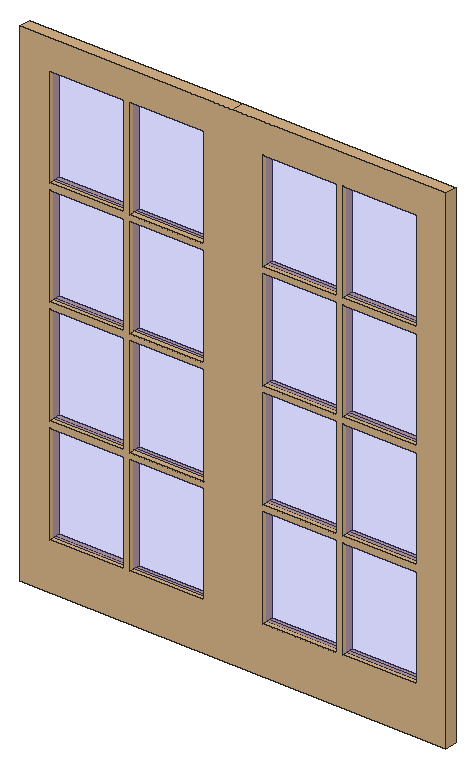
Revit family "0013_M_DR_W_double-glass 2_no trim", category 문, Revit 2026
Family settings
  호스트 = 벽
  항상 수직 = 예
  로드될 때 보이드를 사용하여 절단 = 아니오
  공유 = 아니오
  룸 계산 점 = 아니오
Parameters (values of type "72" x 84"")
  두께 = 0' - 2"
  조합 코드 = "C1020"
  기능 = 내부
  Door Material = Door - Panel
  Frame Material = Door - Frame
  Height = 7' - 0"
  Muntin = 0' - 1"
  벽 마무리 = 호스트별
  Width = 6' - 0"
Types (6): name | 두께 | 조합 코드 | Height | Muntin | Width
  72" x 78" | 0' - 2" | "C1020" | 6' - 6" | 0' - 1" | 6' - 0"
  72" x 82" | 0' - 2" | "C1020" | 6' - 10" | 0' - 1" | 6' - 0"
  68" x 80" | 0' - 2" | "C1020" | 6' - 8" | 0' - 1" | 5' - 8"
  68" x 84" | 0' - 2" | "C1020" | 7' - 0" | 0' - 1" | 5' - 8"
  72" x 84" | 0' - 2" | "C1020" | 7' - 0" | 0' - 1" | 6' - 0"
  1830 x 2134mm | 0' - 1 31/32" | 0' - 0" | 7' - 0 1/64" | 0' - 0 63/64" | 6' - 0 3/64"
Reference planes (in)
  plane 1: y = 0
  plane 2: z = 0
  plane 3 "Center": x = 0
  plane 4 "Left": x = -36
  plane 5 "Right": x = 36
  plane 6 "Top": z = 84
  plane 7: z = 80
  plane 8: z = 62
  plane 9: z = 61
  plane 10: z = 44
  plane 11: z = 43
  plane 12: z = 26
  plane 13: z = 79
  plane 14: z = 25
  plane 15: z = 8
  plane 16: x = 31
  plane 17: x = 18.5
  plane 18: x = 17.5
  plane 19: x = 5
  plane 20: x = -5
  plane 21: x = -17.5
  plane 22: x = -18.5
  plane 23: x = -31
  plane 24: x = 18
  plane 25: x = -18
  plane 26: y = 1
Forms (in)
  Extrusion 1, solid, material "Door - Panel" <- "Door Material"
    sketch origin (36, 3, 78) x (0, 0, -1) y (-1, 0, 0)
      loop
        line (-6, 0) -> (78, 0) -> (78, 36) -> (78, 72) -> (-6, 72) -> (-6, 36) -> (-6, 0)
      loop
        line (-1, 5) -> (16, 5) -> (16, 17.5) -> (-1, 17.5) -> (-1, 5)
      loop
        line (-1, 18.5) -> (16, 18.5) -> (16, 31) -> (-1, 31) -> (-1, 18.5)
      loop
        line (17, 5) -> (34, 5) -> (34, 17.5) -> (17, 17.5) -> (17, 5)
      loop
        line (17, 18.5) -> (34, 18.5) -> (34, 31) -> (17, 31) -> (17, 18.5)
      loop
        line (35, 5) -> (52, 5) -> (52, 17.5) -> (35, 17.5) -> (35, 5)
      loop
        line (35, 18.5) -> (52, 18.5) -> (52, 31) -> (35, 31) -> (35, 18.5)
      loop
        line (53, 5) -> (70, 5) -> (70, 17.5) -> (53, 17.5) -> (53, 5)
      loop
        line (53, 18.5) -> (70, 18.5) -> (70, 31) -> (53, 31) -> (53, 18.5)
      loop
        line (-1, 41) -> (16, 41) -> (16, 53.5) -> (-1, 53.5) -> (-1, 41)
      loop
        line (17, 41) -> (34, 41) -> (34, 53.5) -> (17, 53.5) -> (17, 41)
      loop
        line (17, 67) -> (17, 54.5) -> (34, 54.5) -> (34, 67) -> (17, 67)
      loop
        line (35, 41) -> (52, 41) -> (52, 53.5) -> (35, 53.5) -> (35, 41)
      loop
        line (35, 67) -> (35, 54.5) -> (52, 54.5) -> (52, 67) -> (35, 67)
      loop
        line (53, 41) -> (70, 41) -> (70, 53.5) -> (53, 53.5) -> (53, 41)
      loop
        line (53, 54.5) -> (70, 54.5) -> (70, 67) -> (53, 67) -> (53, 54.5)
      loop
        line (16, 67) -> (-1, 67) -> (-1, 54.5) -> (16, 54.5) -> (16, 67)
    from 0 to -2
  Extrusion 2, solid, material "Glass"
    sketch origin (36, 3, 78) x (0, 0, -1) y (-1, 0, 0)
      loop
        line (-1, 5) -> (16, 5) -> (16, 17.5) -> (-1, 17.5) -> (-1, 5)
      loop
        line (-1, 18.5) -> (16, 18.5) -> (16, 31) -> (-1, 31) -> (-1, 18.5)
      loop
        line (-1, 41) -> (16, 41) -> (16, 53.5) -> (-1, 53.5) -> (-1, 41)
      loop
        line (16, 67) -> (-1, 67) -> (-1, 54.5) -> (16, 54.5) -> (16, 67)
      loop
        line (17, 67) -> (17, 54.5) -> (34, 54.5) -> (34, 67) -> (17, 67)
      loop
        line (17, 41) -> (34, 41) -> (34, 53.5) -> (17, 53.5) -> (17, 41)
      loop
        line (17, 18.5) -> (34, 18.5) -> (34, 31) -> (17, 31) -> (17, 18.5)
      loop
        line (17, 5) -> (34, 5) -> (34, 17.5) -> (17, 17.5) -> (17, 5)
      loop
        line (35, 5) -> (52, 5) -> (52, 17.5) -> (35, 17.5) -> (35, 5)
      loop
        line (35, 31) -> (35, 18.5) -> (52, 18.5) -> (52, 31) -> (35, 31)
      loop
        line (35, 41) -> (52, 41) -> (52, 53.5) -> (35, 53.5) -> (35, 41)
      loop
        line (35, 67) -> (35, 54.5) -> (52, 54.5) -> (52, 67) -> (35, 67)
      loop
        line (53, 5) -> (70, 5) -> (70, 17.5) -> (53, 17.5) -> (53, 5)
      loop
        line (53, 31) -> (53, 18.5) -> (70, 18.5) -> (70, 31) -> (53, 31)
      loop
        line (53, 41) -> (70, 41) -> (70, 53.5) -> (53, 53.5) -> (53, 41)
      loop
        line (53, 67) -> (53, 54.5) -> (70, 54.5) -> (70, 67) -> (53, 67)
    from -0.75 to -1.25
Lines and regions (in)
  Opening 1
    outline origin (-90, -3, 0) x (1, 0, 0) y (0, 0, 1)
      loop
        line (54, 0) -> (126, 0) -> (126, 84) -> (54, 84) -> (54, 0)
  symbolic lines, style "Elevation Swing"
    curve 1: line (0, 3, 0) -> (-36, 3, 42)
    curve 2: line (-36, 3, 42) -> (0, 3, 84)
    curve 11: line (0, 3, 84) -> (36, 3, 42)
    curve 12: line (0, 3, 0) -> (36, 3, 42)
    curve 13: line (0, -3, 84) -> (36, -3, 42)
    curve 14: line (0, -3, 0) -> (36, -3, 42)
    curve 15: line (0, -3, 84) -> (-36, -3, 42)
    curve 16: line (0, -3, 0) -> (-36, -3, 42)
  symbolic lines, style "Plan Swing"
    curve 3: arc (0, 3, 0) -> (-10.54416, 28.45584, 0) -> (-36, 39, 0) r 36
    curve 4: arc (0, 3, 0) -> (9.84661, 27.73863, 0) -> (34, 38.9444, 0) r 36
  symbolic lines, style "DoorsPanelProjection"
    curve 5: line (-36, 3, 0) -> (-34, 3, 0)
    curve 6: line (-36, 3, 0) -> (-36, 39, 0)
    curve 7: line (-34, 3, 0) -> (-34, 38.9444, 0)
    curve 8: line (36, 3, 0) -> (34, 3, 0)
    curve 9: line (36, 3, 0) -> (36, 39, 0)
    curve 10: line (34, 3, 0) -> (34, 38.9444, 0)
    curve 19: line (-36, 39.01114, 0) -> (-34, 39.01114, 0)
    curve 20: line (34, 38.9444, 0) -> (36, 38.9444, 0)
  model lines, style "DoorsPanelProjection"
    curve 17: line (0, 3, 84) -> (0, 3, 0)
    curve 18: line (0, 1, 84) -> (0, 1, 0)
Text (in)
  text "Exterior" at (-58.67754, 27.31104, 0), in view "Floor Line"
  text "Interior" at (-58.34764, -25.14366, 0), in view "Floor Line"
  text "Exterior" at (0, 40.15149, 123.01588), in view "Right"
  text "Interior" at (0, -64.39139, 123.01588), in view "Right"
  text "Interior" at (0, -31.01599, 123.00693), in view "Left"
  text "Exterior" at (0, 54.57065, 123.00693), in view "Left"
Dimensions and locks (in)
  equal spacing: plane 4 "Left", plane 3 "Center", plane 5 "Right"
  "Height": plane 2 to plane 6 "Top"
  equal spacing: host wall, curve 2, plane 6 "Top"
  equal spacing: host wall, curve 12, plane 6 "Top"
  "Muntin": plane 13 to plane 7
  "Muntin": plane 9 to plane 8
  "Muntin": plane 11 to plane 10
  "Muntin": plane 14 to plane 12
  host wall to plane 15 = 0' - 8"
  locked: plane 7 to plane 6 "Top" at 4
  equal spacing: plane 15, plane 12, plane 10, plane 8, plane 7
  locked: plane 16 to plane 5 "Right" at 5
  locked: plane 23 to plane 4 "Left" at 5
  plane 19 to plane 3 "Center" to plane 20 = 0' - 5" locked, 0' - 5" locked
  "Muntin": plane 17 to plane 18
  "Muntin": plane 21 to plane 22
  equal spacing: plane 16, plane 24, plane 19
  equal spacing: plane 20, plane 25, plane 23
  equal spacing: plane 17, plane 24, plane 18
  equal spacing: plane 21, plane 25, plane 22
  locked: host wall to Extrusion 1
  locked: Extrusion 2 to Extrusion 2 at 0.5
  "두께": curve 10 to plane 5 "Right"
  "두께": plane 4 "Left" to curve 7
  "Width": plane 4 "Left" to plane 5 "Right"
  "두께": plane 26 to host wall
  aligned and locked: plane 4 "Left" to Opening 1 sketch curve
  aligned and locked: plane 6 "Top" to Opening 1 sketch curve  (x2)
  aligned and locked: Opening 1 sketch curve to plane 5 "Right"
  aligned and locked: Opening 1 sketch curve to level
  aligned and locked: plane 6 "Top" to curve 2
  aligned and locked: level to curve 1
  aligned and locked: plane 13 to Extrusion 1 sketch curve  (x4)
  aligned and locked: plane 8 to Extrusion 1 sketch curve  (x3)
  aligned and locked: plane 17 to Extrusion 1 sketch curve  (x4)
  aligned and locked: plane 19 to Extrusion 1 sketch curve  (x4)
  aligned and locked: plane 16 to Extrusion 1 sketch curve  (x3)
  aligned and locked: plane 9 to Extrusion 1 sketch curve  (x3)
  aligned and locked: plane 10 to Extrusion 1 sketch curve  (x4)
  aligned and locked: plane 18 to Extrusion 1 sketch curve  (x3)
  aligned and locked: plane 11 to Extrusion 1 sketch curve  (x3)
  aligned and locked: plane 12 to Extrusion 1 sketch curve  (x4)
  aligned and locked: plane 14 to Extrusion 1 sketch curve  (x4)
  aligned and locked: plane 15 to Extrusion 1 sketch curve  (x3)
  aligned and locked: plane 21 to Extrusion 1 sketch curve  (x4)
  aligned and locked: plane 20 to Extrusion 1 sketch curve  (x3)
  aligned and locked: plane 23 to Extrusion 1 sketch curve  (x4)
  aligned and locked: Extrusion 1 sketch curve to plane 9
  aligned and locked: plane 22 to Extrusion 1 sketch curve  (x3)
  aligned and locked: Extrusion 1 sketch curve to plane 11
  aligned and locked: Extrusion 1 sketch curve to plane 8
  aligned and locked: Extrusion 2 sketch curve to Extrusion 1  (x60)
  aligned and locked: host wall to Extrusion 1
  aligned and locked: curve 5 to Extrusion 1
  aligned and locked: curve 8 to Extrusion 1
  aligned and locked: curve 17 to curve 18
  aligned and locked: curve 17 to Extrusion 1
  aligned and locked: Extrusion 1 to plane 26
Automatic sketch dimensions
  Extrusion 1 sketch curve to plane 15 = 0' - 0"
  Extrusion 1 sketch curve to level = 0' - 0"
  Extrusion 1 sketch curve to plane 16 = 0' - 0"
  Extrusion 1 sketch curve to plane 18 = 0' - 0"
  Extrusion 1 sketch curve to plane 20 = 0' - 0"
  Extrusion 1 sketch curve to plane 22 = 0' - 0"
  Extrusion 1 sketch curve to plane 4 "Left" = 0' - 0"
  Extrusion 1 sketch curve to plane 3 "Center" = 0' - 0"  (x2)
  Extrusion 2 sketch curve to plane 9 = 0' - 0"
  Extrusion 2 sketch curve to plane 12 = 0' - 0"  (x2)
  Extrusion 2 sketch curve to plane 22 = 0' - 0"
  curve 11 to plane 3 "Center" = 0' - 0"
  curve 17 to plane 6 "Top" = 0' - 0"
  curve 18 to plane 6 "Top" = 0' - 0"
  curve 15 to plane 3 "Center" = 0' - 0"
  curve 15 to plane 6 "Top" = 0' - 0"
  curve 13 to plane 5 "Right" = 0' - 0"
  curve 15 to plane 4 "Left" = 0' - 0"
  curve 16 to level = 0' - 0"
  curve 17 to level = 0' - 0"
  curve 18 to level = 0' - 0"
  curve 13 to curve 11 = 0' - 0"
  curve 15 to curve 2 = 0' - 0"
  curve 1 to plane 4 "Left" = 0' - 0"
  curve 12 to plane 3 "Center" = 0' - 0"
  curve 14 to plane 3 "Center" = 0' - 0"
  curve 12 to plane 5 "Right" = 0' - 0"
  curve 19 to plane 4 "Left" = 0' - 0"
  curve 3 to plane 4 "Left" = 0' - 0"
  curve 3 to plane 3 "Center" = 0' - 0"
  curve 4 to plane 3 "Center" = 0' - 0"
  curve 4 to plane 5 "Right" = 0' - 0"
  curve 8 to plane 5 "Right" = 0' - 0"
  curve 20 to plane 5 "Right" = 0' - 0"
  curve 19 to curve 7 = 0' - 0"
  curve 20 to curve 4 = 0' - 0"  (x2)
  curve 20 to curve 9 = 0' - 0.0556"
  curve 7 to curve 19 = 0' - 0.06674"
  curve 3 to host wall = 0' - 0"
  Extrusion 1 sketch curve to plane 6 "Top" = 0' - 0"
  Extrusion 1 sketch curve to plane 5 "Right" = 0' - 0"
